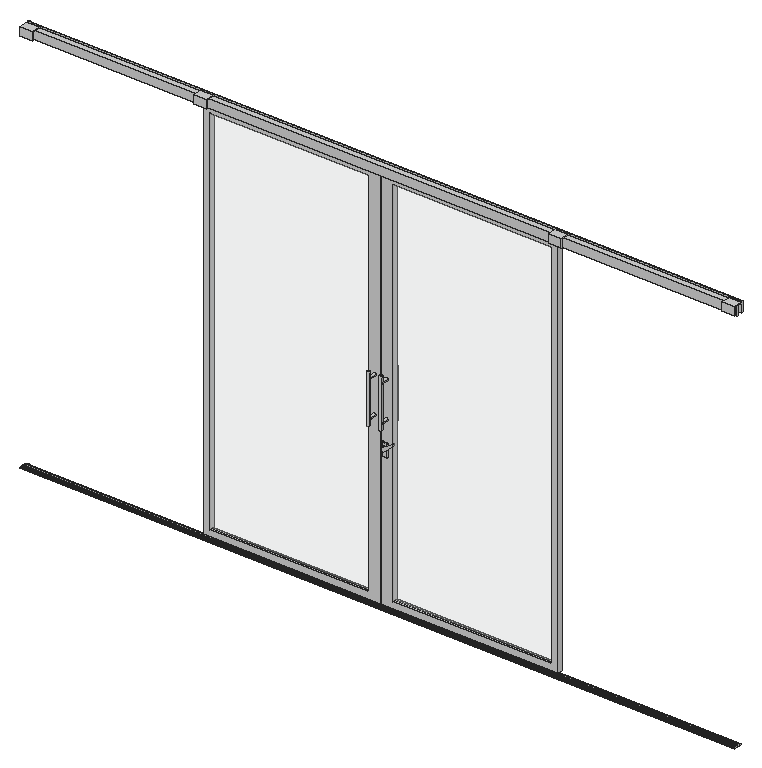
Revit family "Door_FTS Wall Slide_The Sliding Door Company_Combo Frame 2-Panel Bi-part with Single Track (Ramped)", category Doors, host Wall, Revit 2019
Family settings
  Host = Wall
  OmniClass Number = 23.30.10.00
  OmniClass Title = Doors
  Always vertical = Yes
  Cut with Voids When Loaded = No
  Shared = No
  Room Calculation Point = No
Parameters (values of type "Combo Frame 2-Panel Wall Slide - Bi-part - AA")
  Upper Track Material [instance] = TSDC - Casing/Upper Track - Anodized Aluminum Silver
  URL = "https://www.slidingdoorco.com"
  Track Length = Order Width * 2 + Stile and Rail  # 177 1/2"
  Thickness = 1 1/4"  # constant formula
  Stile and Rail = 1 1/2"  # constant formula
  Rough Width = Order Width + 5/8" * 2  # 89 1/4"
  Rough Height = Order Height + 5/8"  # 98 3/4"
  Panel Width = Width / 2  # 44"
  Panel Height = Height - 2 1/4"  # 96 3/8"
  Overall System Height = Finished Opening Height + 2 5/8"  # 98 5/8"
  Order Width = Finished Opening Width + Stile and Rail * 2  # 88"
  Opening Clearance = Finished Opening Width - 3 5/16" * 2  # 78 3/8"
  Open [instance] = no
  Model = "FTS Wall Slide System - Surface Mounted"  # constant formula
  Manufacturer = "The Sliding Door Company"  # constant formula
  Limitations = "Panel Width x System Height cannot exceed 7,400 square inches"  # constant formula
  Handles and Accessories = TSDC - Handles and Accesories - Chrome
  Handle or Lock Stile = 3"  # constant formula
  Glass Thickness = "Available in: 5mm Tempered, 7mm,10mm,11mm Laminated Glass"  # constant formula
  Glass Material [instance] = TSDC - Glass - Clear
  Function = Interior
  Height = if(Overall System Height > 122", 122", Overall System Height)  # 98 5/8"
  Wall Closure = By host
  Width = if(Order Width > 104", 104", Order Width)  # 88"
  Fire Rating = "N/A"  # constant formula
  Order Height = Finished Opening Height + 2 1/8"  # 98 1/8"
  Finished Opening Width = 85"
  Finished Opening Height = 96"
  Door Casing Material [instance] = TSDC - Casing/Upper Track - Anodized Aluminum Silver
  Description = "2 Panel Wall Slide Bi-part with Single Track (Ramped)"  # constant formula
  Contact The Sliding Door Company = "https://www.slidingdoorco.com/contact"
  Construction Type = "Surface Mounted, Ramped Bottom Track"  # constant formula
  Configuration = "AA Configuration"  # constant formula
  Closed [instance] = not(Open)  # yes
  Bottom Track Material [instance] = TSDC - Bottom Track - Anodized Aluminum Silver
  Analytic Construction = "<None>"
  ADA Opening Clearance = "32in. Min. Opening Clearance"  # constant formula
  3" Frame (No Support Dividers) = "Max. H=122 in., Max. W=104 in. (52 in. panel width)"  # constant formula
  1 1/2" Frame (No Support Dividers) = "Max. H=108 in., Max. W=100 in. (50 in. panel width)"  # constant formula
Reference planes (in)
  plane 1 "Center (Front/Back)": y = 0
  plane 2 "Center (Left/Right)": x = 0
  plane 3 "Top": z = 98.125
  plane 4 "Exterior": y = 6
  plane 5 "Interior": y = -6
  plane 6: z = 0.625
  plane 7 "2": z = 96.5
  plane 8 "3": z = 95.25
  plane 9: y = -0.67851
  plane 10: x = -44
  plane 11: x = 44
  plane 12: x = -49.5
  plane 13: x = 50.5
  plane 14: x = -88.75
  plane 15: x = 88.75
  plane 16: x = -46.18359
  plane 17: x = 47.185
  plane 18: x = 49
  plane 19: x = -49
  plane 20: x = -43.68359
  plane 21: x = 45.685
  plane 22: z = 96
  plane 23: z = 98.625
  plane 24: y = 4.39962
  plane 25: x = -48
  plane 26: x = -47.685
  plane 27: x = -47.375
  plane 28: x = -83.18359
  plane 29: x = 49
  plane 30: x = 48.685
  plane 31: x = 48.375
  plane 32: x = 83.185
  plane 33: z = 46.625
  plane 34: z = 35.625
Forms (in)
  Extrusion 1, solid, material "TSDC - Casing/Upper Track - Anodized Aluminum Silver" <- "Door Casing Material", visible <- "Closed"
    sketch origin (40.75888, 3.21602, 0) x (-1, 0, 0) y (0, 0, -1)
      loop
        line (84.75888, -96.5) -> (84.75888, -0.625) -> (40.75888, -0.625) -> (40.75888, -96.5) -> (84.75888, -96.5)
      loop
        line (83.25888, -95) -> (83.25888, -2.125) -> (43.75888, -2.125) -> (43.75888, -95) -> (83.25888, -95)
    from -5 to -3.75
  Extrusion 2, solid, material "TSDC - Glass - Clear" <- "Glass Material", visible <- "Closed"
    sketch origin (40.75888, 2.71602, 0) x (-1, 0, 0) y (0, 0, -1)
      loop
        line (83.25888, -95) -> (83.25888, -2.125) -> (43.75888, -2.125) -> (43.75888, -95) -> (83.25888, -95)
    from -5 to -4.75
  Extrusion 3, solid, material "TSDC - Casing/Upper Track - Anodized Aluminum Silver" <- "Door Casing Material", visible <- "Closed"
    sketch origin (72.07138, 3.21602, 0) x (-1, 0, 0) y (0, 0, -1)
      loop
        line (72.07138, -96.5) -> (72.07138, -0.625) -> (28.07138, -0.625) -> (28.07138, -96.5) -> (72.07138, -96.5)
      loop
        line (69.07138, -95) -> (69.07138, -2.125) -> (29.57138, -2.125) -> (29.57138, -95) -> (69.07138, -95)
    from -5 to -3.75
  Extrusion 4, solid, material "TSDC - Glass - Clear" <- "Glass Material", visible <- "Closed"
    sketch origin (72.07138, 2.71602, 0) x (-1, 0, 0) y (0, 0, -1)
      loop
        line (69.07138, -95) -> (69.07138, -2.125) -> (29.57138, -2.125) -> (29.57138, -95) -> (69.07138, -95)
    from -5 to -4.75
  Extrusion 5, solid, material "TSDC - Casing/Upper Track - Anodized Aluminum Silver" <- "Upper Track Material"
    sketch origin (-115, 1.65743, -26) x (0, 1, 0) y (0, 0, 1)
      loop
        line (6.68359, 124.125) -> (5.125, 124.125) -> (5.125, 122) -> (5.18359, 122) -> (5.18359, 124.06641) -> (6.68359, 124.06641) -> (6.68359, 122) -> (6.74219, 122) -> (6.74219, 124.625) -> (6.68359, 124.625) -> (6.68359, 124.125)
    from 26.25 to 203.75
  Extrusion 6, solid, material "TSDC - Bottom Track - Anodized Aluminum Silver" <- "Bottom Track Material"
    sketch origin (0, 4.78502, 0.00198) x (0, -1, 0) y (0, 0, -1)
      loop
        line (-1.2534, 0.00198) -> (-1.82338, 0.00198) -> (-1.82338, -0.08934) -> (-1.85621, -0.08934) -> (-1.85621, -0.05752) -> (-1.88729, -0.05752) -> (-1.88729, -0.30227) -> (-1.85621, -0.30227) -> (-1.85621, -0.26961) -> (-1.82338, -0.26961) -> (-1.82338, -0.35859)
        arc (-1.82338, -0.35859) -> (-1.80417, -0.37043) -> (-1.78175, -0.36785) r 0.03449
        line (-1.78175, -0.36785) -> (-1.69784, -0.32757) -> (-1.69399, -0.29623) -> (-1.64507, -0.30224) -> (-1.55638, -0.25967) -> (-1.55254, -0.22833) -> (-1.50362, -0.23434) -> (-1.41405, -0.19134) -> (-1.4102, -0.16) -> (-1.36128, -0.16601) -> (-1.2534, -0.11422) -> (-1.2534, 0.00198)
      loop
        line (-1.3034, -0.05) -> (-1.7654, -0.05) -> (-1.7654, -0.30454) -> (-1.3034, -0.08276) -> (-1.3034, -0.05)
    from -88.75 to 88.75
  Extrusion 7, solid, material "TSDC - Bottom Track - Anodized Aluminum Silver" <- "Bottom Track Material"
    sketch origin (0, 4.78502, 0.00198) x (0, -1, 0) y (0, 0, -1)
      loop
        line (-1.82338, -0.26961) -> (-1.85621, -0.26961) -> (-1.85621, -0.30227) -> (-1.88729, -0.30227) -> (-1.88729, -0.05752) -> (-1.85621, -0.05752) -> (-1.85621, -0.08934) -> (-1.82338, -0.08934) -> (-1.82338, 0.00198) -> (-2.66962, 0.00198) -> (-2.66962, -0.08934) -> (-2.63679, -0.08934) -> (-2.63679, -0.05752) -> (-2.60571, -0.05752) -> (-2.60571, -0.30227) -> (-2.63692, -0.30227) -> (-2.63692, -0.26961) -> (-2.66962, -0.26961) -> (-2.66962, -0.341)
        arc (-2.66962, -0.341) -> (-2.66384, -0.35509) -> (-2.64977, -0.36093) r 0.01985
        line (-2.64977, -0.36093) -> (-2.56841, -0.36093)
        arc (-2.56841, -0.36093) -> (-2.55436, -0.3551) -> (-2.54856, -0.34103) r 0.01985
        line (-2.54856, -0.34103) -> (-2.54856, -0.05757) -> (-1.94444, -0.05757) -> (-1.94444, -0.10767) -> (-2.07646, -0.14753) -> (-2.07646, -0.28575)
        arc (-2.07646, -0.28575) -> (-2.12603, -0.3355) -> (-2.17572, -0.28588) r 0.04963
        line (-2.17572, -0.28588) -> (-2.23528, -0.28588)
        arc (-2.23528, -0.28588) -> (-2.12616, -0.39506) -> (-2.0169, -0.28602) r 0.10919
        line (-2.0169, -0.28602) -> (-2.0169, -0.20299) -> (-1.94444, -0.20299) -> (-1.94444, -0.34103)
        arc (-1.94444, -0.34103) -> (-1.93864, -0.3551) -> (-1.92459, -0.36093) r 0.01985
        line (-1.92459, -0.36093) -> (-1.84323, -0.36089)
        arc (-1.84323, -0.36089) -> (-1.82919, -0.35508) -> (-1.82338, -0.34104) r 0.01985
        line (-1.82338, -0.34104) -> (-1.82338, -0.26961)
    from -88.75 to 88.75
  Extrusion 8, solid, material "TSDC - Bottom Track - Anodized Aluminum Silver" <- "Bottom Track Material"
    sketch origin (0, 3.27802, 0.00198) x (0, 1, 0) y (0, 0, 1)
      loop
        line (4.11271, 0.05752) -> (4.14379, 0.05752) -> (4.14379, 0.08934) -> (4.17662, 0.08934) -> (4.17662, -0.00198) -> (4.7466, -0.00198) -> (4.7466, 0.11422) -> (4.63872, 0.16601) -> (4.5898, 0.16) -> (4.58595, 0.19134) -> (4.49638, 0.23434) -> (4.44746, 0.22833) -> (4.44362, 0.25967) -> (4.35493, 0.30224) -> (4.30601, 0.29623) -> (4.30216, 0.32757) -> (4.21825, 0.36785)
        arc (4.21825, 0.36785) -> (4.19583, 0.37043) -> (4.17662, 0.35859) r 0.03449
        line (4.17662, 0.35859) -> (4.17662, 0.26961) -> (4.14379, 0.26961) -> (4.14379, 0.30227) -> (4.11271, 0.30227) -> (4.11271, 0.05752)
      loop
        line (4.2346, 0.30454) -> (4.2346, 0.05) -> (4.6966, 0.05) -> (4.6966, 0.08276) -> (4.2346, 0.30454)
    from -88.75 to 88.75
  Extrusion 9, solid, material "TSDC - Handles and Accesories - Chrome", visible <- "Closed", not visible
    sketch origin (0, 5.61719, 0) x (1, 0, 0) y (0, 1, 0)
      loop
        circle (-1.5, -0.4296) r 0.31649
    from 0 to 12
  Extrusion 10, solid, material "TSDC - Handles and Accesories - Chrome", visible <- "Closed", not visible
    sketch origin (0, 5.61719, 1) x (1, 0, 0) y (0, 1, 0)
      loop
        line (-1.81641, -0.43705) -> (-1.81641, -2.18359) -> (-1.18359, -2.18359) -> (-1.18359, -0.43705)
        arc (-1.18359, -0.43705) -> (-1.5, -0.74609) -> (-1.81641, -0.43705) r 0.31649
    from 0 to 0.625
  Extrusion 11, solid, material "TSDC - Handles and Accesories - Chrome", visible <- "Closed", not visible
    sketch origin (0, 5.61719, 10.375) x (1, 0, 0) y (0, 1, 0)
      loop
        line (-1.81641, -0.43705) -> (-1.81641, -2.18359) -> (-1.18359, -2.18359) -> (-1.18359, -0.43705)
        arc (-1.18359, -0.43705) -> (-1.5, -0.74609) -> (-1.81641, -0.43705) r 0.31649
    from 0 to 0.625
  Extrusion 12, solid, material "TSDC - Handles and Accesories - Chrome", visible <- "Open", not visible
    sketch origin (-26.4975, 0, 40.625) x (1, 0, 0) y (0, 1, 0)
      loop
        circle (-1.5, 0.4296) r 0.31649
    from 0 to 12
  Extrusion 13, solid, material "TSDC - Handles and Accesories - Chrome", visible <- "Open", not visible
    sketch origin (-26.4975, 0, 41.625) x (1, 0, 0) y (0, 1, 0)
      loop
        arc (-1.81641, 0.43705) -> (-1.5, 0.74609) -> (-1.18359, 0.43705) r 0.31649
        line (-1.18359, 0.43705) -> (-1.18359, 2.18359) -> (-1.81641, 2.18359) -> (-1.81641, 0.43705)
    from 0 to 0.625
  Extrusion 14, solid, material "TSDC - Handles and Accesories - Chrome", visible <- "Open", not visible
    sketch origin (-26.4975, 0, 51) x (1, 0, 0) y (0, 1, 0)
      loop
        arc (-1.81641, 0.43705) -> (-1.5, 0.74609) -> (-1.18359, 0.43705) r 0.31649
        line (-1.18359, 0.43705) -> (-1.18359, 2.18359) -> (-1.81641, 2.18359) -> (-1.81641, 0.43705)
    from 0 to 0.625
  Extrusion 15, solid, material "TSDC - Casing/Upper Track - Anodized Aluminum Silver" <- "Door Casing Material", visible <- "Open"
    sketch origin (-3.92472, 3.21602, 0) x (-1, 0, 0) y (0, 0, -1)
      loop
        line (79.25888, -96.5) -> (79.25888, -0.625) -> (35.25888, -0.625) -> (35.25888, -96.5) -> (79.25888, -96.5)
      loop
        line (77.75888, -95) -> (77.75888, -2.125) -> (38.25888, -2.125) -> (38.25888, -95) -> (77.75888, -95)
    from -5 to -3.75
  Extrusion 16, solid, material "TSDC - Glass - Clear" <- "Glass Material", visible <- "Open"
    sketch origin (-3.92472, 2.71602, 0) x (-1, 0, 0) y (0, 0, -1)
      loop
        line (77.75888, -95) -> (77.75888, -2.125) -> (38.25888, -2.125) -> (38.25888, -95) -> (77.75888, -95)
    from -5 to -4.75
  Extrusion 17, solid, material "TSDC - Casing/Upper Track - Anodized Aluminum Silver" <- "Door Casing Material", visible <- "Open"
    sketch origin (116.75638, 3.21602, 0) x (-1, 0, 0) y (0, 0, -1)
      loop
        line (77.57138, -96.5) -> (77.57138, -0.625) -> (33.57138, -0.625) -> (33.57138, -96.5) -> (77.57138, -96.5)
      loop
        line (74.57138, -95) -> (74.57138, -2.125) -> (35.07138, -2.125) -> (35.07138, -95) -> (74.57138, -95)
    from -5 to -3.75
  Extrusion 18, solid, material "TSDC - Glass - Clear" <- "Glass Material", visible <- "Open"
    sketch origin (116.75638, 2.71602, 0) x (-1, 0, 0) y (0, 0, -1)
      loop
        line (74.57138, -95) -> (74.57138, -2.125) -> (35.07138, -2.125) -> (35.07138, -95) -> (74.57138, -95)
    from -5 to -4.75
  Extrusion 19, solid, material "TSDC - Casing/Upper Track - Anodized Aluminum Silver" <- "Upper Track Material"
    sketch origin (101.625, 0, 0) x (0, 1, 0) y (0, 0, 1)
      loop
        line (6.125, 98.125) -> (8.34102, 98.125) -> (8.34102, 98.25) -> (6, 98.25) -> (6, 96.25) -> (6.125, 96.25) -> (6.125, 98.125)
    from -16 to -12.875
  Extrusion 20, solid, material "TSDC - Casing/Upper Track - Anodized Aluminum Silver" <- "Upper Track Material"
    sketch origin (-104.75, 0, 0) x (0, 1, 0) y (0, 0, 1)
      loop
        line (8.34102, 98.25) -> (6, 98.25) -> (6, 96.25) -> (6.125, 96.25) -> (6.125, 98.125) -> (8.34102, 98.125) -> (8.34102, 98.25)
    from 16 to 19.125
  Extrusion 21, solid, material "TSDC - Casing/Upper Track - Anodized Aluminum Silver" <- "Upper Track Material"
    sketch origin (-53.625, 0, 0) x (0, 1, 0) y (0, 0, 1)
      loop
        line (8.34102, 98.25) -> (6, 98.25) -> (6, 96.25) -> (6.125, 96.25) -> (6.125, 98.125) -> (8.34102, 98.125) -> (8.34102, 98.25)
    from 8 to 11.125
  Extrusion 22, solid, material "TSDC - Casing/Upper Track - Anodized Aluminum Silver" <- "Upper Track Material"
    sketch origin (50.5, 0, 0) x (0, 1, 0) y (0, 0, 1)
      loop
        line (8.34102, 98.25) -> (6, 98.25) -> (6, 96.25) -> (6.125, 96.25) -> (6.125, 98.125) -> (8.34102, 98.125) -> (8.34102, 98.25)
    from -8 to -4.875
Lines and regions (in)
  Opening 1
    outline origin (-60, -6, 0) x (1, 0, 0) y (0, 0, 1)
      loop
        line (102.5, 98.125) -> (17.5, 98.125) -> (17.5, 0) -> (102.5, 0) -> (102.5, 98.125)
Text (in)
  text "Exterior" at (-165.54235, 27.31104, 0), in view "Ref. Level"
  text "Interior" at (-165.54235, -25.14366, 0), in view "Ref. Level"
  text "Exterior" at (0, 40.15149, 123.01588), in view "Right"
  text "Interior" at (0, -64.39139, 123.01588), in view "Right"
  text "Interior" at (0, -31.01599, 123.00693), in view "Left"
  text "Exterior" at (0, 54.57065, 123.00693), in view "Left"
Dimensions and locks (in)
  "Height": level to plane 23
  locked: plane 7 "2" to plane 3 "Top" at 1.625
  equal spacing: plane 10, plane 2 "Center (Left/Right)", plane 11
  "Width": plane 10 to plane 11
  "Stile and Rail": Extrusion 1 to Extrusion 1  (x3)
  "Handle or Lock Stile": Extrusion 1 to Extrusion 1
  "Handle or Lock Stile": Extrusion 3 to Extrusion 3
  "Stile and Rail": Extrusion 3 to Extrusion 3  (x3)
  host wall to host wall = 85"
  plane 10 to plane 2 "Center (Left/Right)" to plane 11 = 44", 44"
  equal spacing: plane 14, plane 2 "Center (Left/Right)", plane 15
  "Track Length": plane 14 to plane 15
  Extrusion 15 to Extrusion 17 = 78.36859"
  locked: plane 22 to plane 23 at 2.625
  locked: plane 22 to plane 3 "Top" at 2.125
  "Stile and Rail": Extrusion 15 to Extrusion 15  (x3)
  "Handle or Lock Stile": Extrusion 15 to Extrusion 15
  "Handle or Lock Stile": Extrusion 17 to Extrusion 17
  "Stile and Rail": Extrusion 17 to Extrusion 17  (x3)
  plane 4 "Exterior" to Extrusion 1 to Extrusion 1 = 0.96602" locked, 1 1/4" locked
  plane 4 "Exterior" to Extrusion 2 to Extrusion 2 = 1.46602" locked, 1/4" locked
  plane 4 "Exterior" to Extrusion 3 to Extrusion 3 = 0.96602" locked, 1 1/4" locked
  plane 4 "Exterior" to Extrusion 4 to Extrusion 4 = 1.46602" locked, 1/4" locked
  plane 4 "Exterior" to Extrusion 15 to Extrusion 15 = 0.96602" locked, 1 1/4" locked
  plane 4 "Exterior" to Extrusion 16 to Extrusion 16 = 1.46602" locked, 1/4" locked
  plane 4 "Exterior" to Extrusion 17 to Extrusion 17 = 0.96602" locked, 1 1/4" locked
  plane 4 "Exterior" to Extrusion 18 to Extrusion 18 = 1.46602" locked, 1/4" locked
  locked: Extrusion 15 to Extrusion 8 at 0.19141
  Extrusion 15 to Extrusion 15 = 44"
  locked: plane 14 to plane 28 at 5.56641
  locked: host wall to Extrusion 15 at 3.31641
  locked: Extrusion 15 to nested 2 at 1.5
  locked: nested 1 to Extrusion 15 at 1.5
  Extrusion 17 to Extrusion 17 = 44"
  locked: plane 32 to plane 15 at 5.565
  locked: Extrusion 17 to host wall at 3.315
  locked: Extrusion 17 to nested 8 at 1.5
  locked: nested 7 to Extrusion 17 at 1.5
  locked: plane 4 "Exterior" to nested 1 at 0.96602
  locked: plane 4 "Exterior" to nested 2 at 2.21602
  locked: plane 4 "Exterior" to nested 3 at 0.96602
  locked: plane 4 "Exterior" to nested 4 at 2.21602
  locked: plane 4 "Exterior" to nested 5 at 0.96602
  locked: plane 4 "Exterior" to nested 6 at 2.21602
  locked: plane 4 "Exterior" to nested 7 at 0.96602
  locked: plane 4 "Exterior" to nested 8 at 2.21602
  Extrusion 17 to plane 33 = 46"
  locked: Extrusion 19 to Extrusion 19 at 3.125
  locked: plane 14 to Extrusion 20 at 3.125
  locked: Extrusion 21 to Extrusion 21 at 3.125
  locked: Extrusion 22 to Extrusion 22 at 3.125
  locked: nested 9 to plane 4 "Exterior" at 0.84102
  locked: Extrusion 17 to nested 10 at 0.5685
  locked: plane 4 "Exterior" to nested 10 at 0.84102
  aligned and locked: plane 4 "Exterior" to host wall
  aligned and locked: host wall to plane 5 "Interior"
  aligned and locked: Opening 1 sketch curve to plane 3 "Top"
  aligned and locked: Extrusion 1 to Extrusion 2  (x4)
  aligned and locked: Extrusion 3 to Extrusion 4  (x4)
  aligned and locked: Extrusion 1 to plane 7 "2"
  aligned and locked: Extrusion 3 to plane 7 "2"
  aligned and locked: Extrusion 7 to Extrusion 8
  aligned and locked: Extrusion 6 to Extrusion 7
  aligned and locked: Extrusion 8 to Extrusion 7
  aligned and locked: Extrusion 7 to Extrusion 6
  aligned and locked: Extrusion 8 to plane 14
  aligned and locked: plane 15 to Extrusion 8
  aligned and locked: plane 15 to Extrusion 5
  aligned and locked: Extrusion 5 to plane 14
  aligned and locked: Extrusion 1 to plane 10
  aligned and locked: plane 11 to Extrusion 3
  aligned and locked: Opening 1 sketch curve to Extrusion 1
  aligned and locked: Opening 1 sketch curve to Extrusion 3
  aligned and locked: plane 23 to Extrusion 5 sketch curve
  aligned and locked: Extrusion 15 to Extrusion 16  (x4)
  aligned and locked: Extrusion 17 to Extrusion 18  (x4)
  aligned and locked: Extrusion 19 to Extrusion 5
  aligned and locked: Extrusion 5 to Extrusion 20
  aligned and locked: host wall to Extrusion 21
  aligned and locked: Extrusion 22 to host wall
Automatic sketch dimensions
  Extrusion 9 sketch curve to Extrusion 9 sketch curve = 0.31649"
  Extrusion 10 sketch curve to Extrusion 10 sketch curve = 81/256"
  Extrusion 10 sketch curve to Extrusion 10 sketch curve = 81/128"
  Extrusion 10 sketch curve to Extrusion 10 sketch curve = 1.74654"
  Extrusion 10 sketch curve to Extrusion 10 sketch curve = 0.00745"
  Extrusion 11 sketch curve to Extrusion 11 sketch curve = 81/256"
  Extrusion 11 sketch curve to Extrusion 11 sketch curve = 81/128"
  Extrusion 11 sketch curve to Extrusion 11 sketch curve = 1.74654"
  Extrusion 11 sketch curve to Extrusion 11 sketch curve = 0.00745"
  Extrusion 9 sketch curve to Extrusion 9 sketch curve = 0"  (x2)
  Extrusion 12 sketch curve to Extrusion 12 sketch curve = 0.31649"
  Extrusion 13 sketch curve to Extrusion 13 sketch curve = 81/256"
  Extrusion 13 sketch curve to Extrusion 13 sketch curve = 81/128"
  Extrusion 13 sketch curve to Extrusion 13 sketch curve = 1.74654"
  Extrusion 13 sketch curve to Extrusion 13 sketch curve = 0.00745"
  Extrusion 14 sketch curve to Extrusion 14 sketch curve = 81/256"
  Extrusion 14 sketch curve to Extrusion 14 sketch curve = 81/128"
  Extrusion 14 sketch curve to Extrusion 14 sketch curve = 1.74654"
  Extrusion 14 sketch curve to Extrusion 14 sketch curve = 0.00745"
  Extrusion 12 sketch curve to Extrusion 12 sketch curve = 0"  (x2)
  Opening 1 sketch curve to level = 0"
  Extrusion 1 sketch curve to plane 2 "Center (Left/Right)" = 0"
  Extrusion 1 sketch curve to plane 7 "2" = 0"
  Extrusion 1 sketch curve to plane 10 = 0"
  Extrusion 1 sketch curve to plane 6 = 0"
  plane 22 to Extrusion 1 sketch curve = 1"
  Extrusion 1 sketch curve to plane 2 "Center (Left/Right)" = 3"
  plane 12 to Extrusion 1 sketch curve = 7"
  plane 6 to Extrusion 1 sketch curve = 1 1/2"
  plane 22 to Extrusion 2 sketch curve = 1"
  Extrusion 2 sketch curve to plane 2 "Center (Left/Right)" = 3"
  plane 12 to Extrusion 2 sketch curve = 7"
  plane 6 to Extrusion 2 sketch curve = 1 1/2"
  Extrusion 3 sketch curve to plane 7 "2" = 0"
  Extrusion 3 sketch curve to plane 11 = 0"
  Extrusion 3 sketch curve to plane 13 = 8"
  Extrusion 3 sketch curve to plane 2 "Center (Left/Right)" = 0"
  Extrusion 3 sketch curve to plane 6 = 0"
  plane 22 to Extrusion 3 sketch curve = 1"
  plane 2 "Center (Left/Right)" to Extrusion 3 sketch curve = 3"
  plane 6 to Extrusion 3 sketch curve = 1 1/2"
  Extrusion 4 sketch curve to plane 13 = 8"
  plane 2 "Center (Left/Right)" to Extrusion 4 sketch curve = 3"
  plane 22 to Extrusion 4 sketch curve = 1"
  plane 6 to Extrusion 4 sketch curve = 1 1/2"
  plane 3 "Top" to Extrusion 5 sketch curve = 0"
  plane 22 to Extrusion 5 sketch curve = 0"  (x2)
  host wall to Extrusion 5 sketch curve = 0.78243"
  Extrusion 5 sketch curve to Extrusion 5 sketch curve = 15/256"  (x2)
  Extrusion 5 sketch curve to Extrusion 5 sketch curve = 1 1/2"
  Extrusion 5 sketch curve to Extrusion 5 sketch curve = 0"
  plane 3 "Top" to Extrusion 5 sketch curve = 15/256"
  Extrusion 6 sketch curve to level = 0"
  level to Extrusion 6 sketch curve = 0.05951"
  host wall to Extrusion 6 sketch curve = 0.67231"
  Extrusion 6 sketch curve to Extrusion 6 sketch curve = 0.03107"  (x2)
  Extrusion 6 sketch curve to Extrusion 6 sketch curve = 0.03284"  (x2)
  Extrusion 6 sketch curve to Extrusion 6 sketch curve = 0.0267"
  Extrusion 6 sketch curve to plane 6 = 0.25516"
  Extrusion 6 sketch curve to Extrusion 6 sketch curve = 0.01493"
  Extrusion 6 sketch curve to Extrusion 6 sketch curve = 0.05797"
  Extrusion 6 sketch curve to Extrusion 6 sketch curve = 0.06757"
  level to Extrusion 6 sketch curve = 0.29822"
  Extrusion 6 sketch curve to Extrusion 6 sketch curve = 0.00385"  (x3)
  Extrusion 6 sketch curve to Extrusion 6 sketch curve = 0.04892"  (x3)
  Extrusion 6 sketch curve to Extrusion 6 sketch curve = 0.08869"
  level to Extrusion 6 sketch curve = 0.23031"
  Extrusion 6 sketch curve to Extrusion 6 sketch curve = 0.08957"
  host wall to Extrusion 6 sketch curve = 0.08842"
  host wall to Extrusion 6 sketch curve = 0.03842"
  Extrusion 6 sketch curve to Extrusion 6 sketch curve = 0.00926"
  Extrusion 6 sketch curve to Extrusion 6 sketch curve = 0.03134"  (x2)
  Extrusion 6 sketch curve to Extrusion 6 sketch curve = 0.03222"
  Extrusion 6 sketch curve to Extrusion 6 sketch curve = 0.05632"
  Extrusion 6 sketch curve to Extrusion 6 sketch curve = 0.03266"
  Extrusion 6 sketch curve to Extrusion 6 sketch curve = 0.043"
  Extrusion 6 sketch curve to Extrusion 6 sketch curve = 0.02533"
  level to Extrusion 6 sketch curve = 0.1162"
  Extrusion 6 sketch curve to Extrusion 6 sketch curve = 0.03182"
  Extrusion 6 sketch curve to Extrusion 6 sketch curve = 0.03146"
  level to Extrusion 6 sketch curve = 0.05198"
  Extrusion 7 sketch curve to Extrusion 7 sketch curve = 0"  (x8)
  Extrusion 7 sketch curve to level = 0"
  host wall to Extrusion 7 sketch curve = 1.45464"
  Extrusion 7 sketch curve to Extrusion 7 sketch curve = 0.01985"  (x2)
  Extrusion 7 sketch curve to Extrusion 7 sketch curve = 0.01286"
  Extrusion 7 sketch curve to Extrusion 7 sketch curve = 0.03284"  (x3)
  Extrusion 7 sketch curve to Extrusion 7 sketch curve = 0.03107"  (x3)
  Extrusion 7 sketch curve to Extrusion 7 sketch curve = 0.0373"
  Extrusion 7 sketch curve to Extrusion 7 sketch curve = 0.05716"  (x2)
  Extrusion 7 sketch curve to Extrusion 7 sketch curve = 0.31328"
  Extrusion 7 sketch curve to Extrusion 7 sketch curve = 0.05956"  (x2)
  Extrusion 7 sketch curve to Extrusion 7 sketch curve = 0.04963"  (x2)
  level to Extrusion 7 sketch curve = 0.10965"
  Extrusion 7 sketch curve to Extrusion 7 sketch curve = 0.07246"  (x2)
  Extrusion 7 sketch curve to Extrusion 7 sketch curve = 0.01299"
  Extrusion 7 sketch curve to Extrusion 7 sketch curve = 0.03986"
  Extrusion 7 sketch curve to Extrusion 7 sketch curve = 0.09532"
  level to Extrusion 7 sketch curve = 0.2716"
  Extrusion 7 sketch curve to Extrusion 7 sketch curve = 0.06662"
  Extrusion 7 sketch curve to Extrusion 7 sketch curve = 0.08276"
  Extrusion 7 sketch curve to Extrusion 7 sketch curve = 0.00012"
  Extrusion 7 sketch curve to Extrusion 7 sketch curve = 0.03266"  (x2)
  Extrusion 7 sketch curve to Extrusion 7 sketch curve = 0.03873"
  Extrusion 7 sketch curve to Extrusion 7 sketch curve = 0.03876"  (x2)
  Extrusion 7 sketch curve to Extrusion 7 sketch curve = 0.03877"
  Extrusion 7 sketch curve to Extrusion 7 sketch curve = 0.00005"  (x2)
  Extrusion 7 sketch curve to Extrusion 7 sketch curve = 0.00007"
  Extrusion 7 sketch curve to Extrusion 7 sketch curve = 0.01833"
  level to Extrusion 7 sketch curve = 0.09133"
  level to Extrusion 7 sketch curve = 0.05956"
  Extrusion 7 sketch curve to Extrusion 7 sketch curve = 0.03182"  (x2)
  Extrusion 7 sketch curve to Extrusion 7 sketch curve = 0.00004"
  Extrusion 8 sketch curve to level = 0"
  level to Extrusion 8 sketch curve = 0.05951"
  host wall to Extrusion 8 sketch curve = 1.39073"
  Extrusion 8 sketch curve to Extrusion 8 sketch curve = 0.03107"  (x2)
  Extrusion 8 sketch curve to Extrusion 8 sketch curve = 0.03284"  (x2)
  Extrusion 8 sketch curve to Extrusion 8 sketch curve = 0.0267"
  Extrusion 8 sketch curve to plane 6 = 0.25516"
  Extrusion 8 sketch curve to Extrusion 8 sketch curve = 0.01493"
  Extrusion 8 sketch curve to Extrusion 8 sketch curve = 0.03127"
  Extrusion 8 sketch curve to plane 6 = 0.29544"
  Extrusion 8 sketch curve to Extrusion 8 sketch curve = 0.06757"
  level to Extrusion 8 sketch curve = 0.29822"
  Extrusion 8 sketch curve to Extrusion 8 sketch curve = 0.00385"  (x3)
  level to Extrusion 8 sketch curve = 0.30422"
  level to Extrusion 8 sketch curve = 0.26165"
  Extrusion 8 sketch curve to Extrusion 8 sketch curve = 0.08869"
  level to Extrusion 8 sketch curve = 0.23031"
  level to Extrusion 8 sketch curve = 0.23632"
  level to Extrusion 8 sketch curve = 0.19332"
  Extrusion 8 sketch curve to Extrusion 8 sketch curve = 0.08957"
  level to Extrusion 8 sketch curve = 0.16199"
  level to Extrusion 8 sketch curve = 0.16799"
  level to Extrusion 8 sketch curve = 0.08474"
  Extrusion 8 sketch curve to Extrusion 8 sketch curve = 0.05788"
  Extrusion 8 sketch curve to Extrusion 8 sketch curve = 0.05"
  level to Extrusion 8 sketch curve = 0.05198"
  Extrusion 8 sketch curve to Extrusion 8 sketch curve = 0.03182"
  Extrusion 8 sketch curve to Extrusion 8 sketch curve = 0.03146"
  Extrusion 8 sketch curve to Extrusion 8 sketch curve = 0.09824"
  Extrusion 8 sketch curve to Extrusion 8 sketch curve = 0.03266"
  Extrusion 8 sketch curve to Extrusion 8 sketch curve = 0.06331"
  Extrusion 8 sketch curve to Extrusion 8 sketch curve = 0.03109"
  Extrusion 15 sketch curve to plane 7 "2" = 0"
  Extrusion 15 sketch curve to plane 6 = 0"
  Extrusion 15 sketch curve to plane 28 = 0"
  plane 28 to Extrusion 15 sketch curve = 1 1/2"
  plane 12 to Extrusion 15 sketch curve = 7 81/256"
  plane 27 to Extrusion 15 sketch curve = 8 49/256"
  plane 22 to Extrusion 15 sketch curve = 1"
  plane 6 to Extrusion 15 sketch curve = 1 1/2"
  plane 12 to Extrusion 16 sketch curve = 7 81/256"
  plane 28 to Extrusion 16 sketch curve = 1 1/2"
  plane 22 to Extrusion 16 sketch curve = 1"
  plane 6 to Extrusion 16 sketch curve = 1 1/2"
  Extrusion 17 sketch curve to plane 7 "2" = 0"
  Extrusion 17 sketch curve to plane 32 = 0"
  Extrusion 17 sketch curve to plane 17 = 8"
  Extrusion 17 sketch curve to plane 6 = 0"
  Extrusion 17 sketch curve to plane 32 = 1 1/2"
  Extrusion 17 sketch curve to plane 13 = 8.315"
  plane 22 to Extrusion 17 sketch curve = 1"
  plane 6 to Extrusion 17 sketch curve = 1 1/2"
  Extrusion 18 sketch curve to plane 32 = 1 1/2"
  Extrusion 18 sketch curve to plane 13 = 8.315"
  plane 22 to Extrusion 18 sketch curve = 1"
  plane 6 to Extrusion 18 sketch curve = 1 1/2"
  Extrusion 19 sketch curve to host wall = 0"
  plane 3 "Top" to Extrusion 19 sketch curve = 0"
  host wall to Extrusion 19 sketch curve = 1/8"
  Extrusion 19 sketch curve to Extrusion 19 sketch curve = 2.21602"
  plane 7 "2" to Extrusion 19 sketch curve = 1/4"
  Extrusion 19 sketch curve to plane 3 "Top" = 1/8"
  Extrusion 20 sketch curve to host wall = 0"
  plane 3 "Top" to Extrusion 20 sketch curve = 0"
  host wall to Extrusion 20 sketch curve = 1/8"
  Extrusion 20 sketch curve to Extrusion 20 sketch curve = 2.21602"
  plane 7 "2" to Extrusion 20 sketch curve = 1/4"
  Extrusion 20 sketch curve to plane 3 "Top" = 1/8"
  Extrusion 21 sketch curve to host wall = 0"
  plane 3 "Top" to Extrusion 21 sketch curve = 0"
  host wall to Extrusion 21 sketch curve = 1/8"
  Extrusion 21 sketch curve to Extrusion 21 sketch curve = 2.21602"
  plane 7 "2" to Extrusion 21 sketch curve = 1/4"
  Extrusion 21 sketch curve to plane 3 "Top" = 1/8"
  Extrusion 22 sketch curve to host wall = 0"
  plane 3 "Top" to Extrusion 22 sketch curve = 0"
  host wall to Extrusion 22 sketch curve = 1/8"
  Extrusion 22 sketch curve to Extrusion 22 sketch curve = 2.21602"
  plane 7 "2" to Extrusion 22 sketch curve = 1/4"
  Extrusion 22 sketch curve to plane 3 "Top" = 1/8"
Nested families (in)
  nested 1: "Round Designer Handle 12 inches" at (-40.68359, 4.84102, 40.625) x (-1, 0, 0) z (0, 0, 1), Round Designer Handle Finish <- "Handles and Accessories", visible <- "Open", type "Round Designer Handle 12 inches"
    with Round Designer Handle Finish TSDC - Handles and Accesories - Chrome
  nested 2: "Round Designer Handle 12 inches" at (-40.68359, 10.34102, 40.625) x (-1, 0, 0) z (0, 0, 1), Round Designer Handle Finish <- "Handles and Accessories", visible <- "Open", type "Round Designer Handle 12 inches"
    with Round Designer Handle Finish TSDC - Handles and Accesories - Chrome
  nested 3: "Round Designer Handle 12 inches" at (-1.5, 4.84102, 40.625) x (-1, 0, 0) z (0, 0, 1), Round Designer Handle Finish <- "Handles and Accessories", visible <- "Closed", type "Round Designer Handle 12 inches"
    with Round Designer Handle Finish TSDC - Handles and Accesories - Chrome
  nested 4: "Round Designer Handle 12 inches" at (-1.5, 10.34102, 40.625) x (-1, 0, 0) z (0, 0, 1), Round Designer Handle Finish <- "Handles and Accessories", visible <- "Closed", type "Round Designer Handle 12 inches"
    with Round Designer Handle Finish TSDC - Handles and Accesories - Chrome
  nested 5: "Round Designer Handle 12 inches" at (1.5, 4.84102, 40.625) x (-1, 0, 0) z (0, 0, 1), Round Designer Handle Finish <- "Handles and Accessories", visible <- "Closed", type "Round Designer Handle 12 inches"
    with Round Designer Handle Finish TSDC - Handles and Accesories - Chrome
  nested 6: "Round Designer Handle 12 inches" at (1.5, 10.34102, 40.625) x (-1, 0, 0) z (0, 0, 1), Round Designer Handle Finish <- "Handles and Accessories", visible <- "Closed", type "Round Designer Handle 12 inches"
    with Round Designer Handle Finish TSDC - Handles and Accesories - Chrome
  nested 7: "Round Designer Handle 12 inches" at (40.685, 4.84102, 40.625) x (-1, 0, 0) z (0, 0, 1), Round Designer Handle Finish <- "Handles and Accessories", visible <- "Open", type "Round Designer Handle 12 inches"
    with Round Designer Handle Finish TSDC - Handles and Accesories - Chrome
  nested 8: "Round Designer Handle 12 inches" at (40.685, 10.34102, 40.625) x (-1, 0, 0) z (0, 0, 1), Round Designer Handle Finish <- "Handles and Accessories", visible <- "Open", type "Round Designer Handle 12 inches"
    with Round Designer Handle Finish TSDC - Handles and Accesories - Chrome
  nested 9: "SLIDING HOOK LATCH ADA" at (1.1585, 8.21602, 35.61663) x (-1, 0, 0) z (0, 0, 1), visible <- "Closed", type "SLIDING HOOK LATCH ADA"
    with Closed no
  nested 10: "SLIDING HOOK LATCH ADA" at (40.3435, 8.21602, 35.61663) x (-1, 0, 0) z (0, 0, 1), visible <- "Open", type "SLIDING HOOK LATCH ADA"
    with Closed no
Definition of nested family "Round Designer Handle 12 inches"
  Parameters (values of type "Round Designer Handle 12 inches")
    Round Designer Handle Finish [instance] = none
  Reference planes (in)
    plane 1 "Center (Front/Back)": y = 0
    plane 2: z = 0
    plane 3 "Center (Left/Right)": x = 0
  Forms (in)
    Extrusion 1, solid, material <- "Round Designer Handle Finish"
      sketch origin (0, -2.66982, 0) x (1, 0, 0) y (0, 1, 0)
        loop
          circle (0, 2.98232) r 0.3125
      from 0 to 12
    Extrusion 2, solid, material <- "Round Designer Handle Finish"
      sketch origin (0, 0, 0) x (1, 0, 0) y (0, 0, 1)
        loop
          circle (0, 10.5) r 0.3125
      from -2.125 to -0.3125
    Extrusion 3, solid, material <- "Round Designer Handle Finish"
      sketch origin (0, 0, -9) x (1, 0, 0) y (0, 0, 1)
        loop
          circle (0, 10.5) r 0.3125
      from -2.125 to -0.3125
  Lines and regions (in)
    symbolic lines
      curve 1: line (-0.3125, 0.3125, 0) -> (-0.3125, 2.125, 0)
  Dimensions and locks (in)
    aligned and locked: plane 2 to level
Definition of nested family "SLIDING HOOK LATCH ADA"
  Parameters (values of type "SLIDING HOOK LATCH ADA")
    Handles/Accessories = none
    Closed [instance] = no
  Reference planes (in)
    plane 1 "Center (Front/Back)": y = 0
    plane 2: z = 0
    plane 3 "Center (Left/Right)": x = 0
    plane 4: y = 1.25
    plane 5: y = 0.625
  Forms (in)
    Extrusion 1, solid, material <- "Handles/Accessories"
      sketch origin (0, 0, 0) x (1, 0, 0) y (0, 0, 1)
        loop
          arc (-0.47, 1.3605) -> (-0.55485, 1.32535) -> (-0.59, 1.2405) r 0.12
          line (-0.59, 1.2405) -> (-0.59, -1.7695)
          arc (-0.59, -1.7695) -> (-0.55485, -1.85435) -> (-0.47, -1.8895) r 0.12
          line (-0.47, -1.8895) -> (0.47, -1.8895)
          arc (0.47, -1.8895) -> (0.55485, -1.85435) -> (0.59, -1.7695) r 0.12
          line (0.59, -1.7695) -> (0.59, 1.2405)
          arc (0.59, 1.2405) -> (0.55485, 1.32535) -> (0.47, 1.3605) r 0.12
          line (0.47, 1.3605) -> (-0.47, 1.3605)
      from 0 to 0.125
    Extrusion 2, solid, material <- "Handles/Accessories"
      sketch origin (0, -0.125, 0) x (1, 0, 0) y (0, 0, 1)
        loop
          arc (0.1965, -0.27008) -> (0, 0.334) -> (-0.1965, -0.27008) r 0.334
          line (-0.1965, -0.27008) -> (-0.1965, -0.7785)
          arc (-0.1965, -0.7785) -> (-0.13836, -0.91423) -> (0, -0.96578) r 0.1875
          arc (0, -0.96578) -> (0.13836, -0.91423) -> (0.1965, -0.7785) r 0.1875
          line (0.1965, -0.7785) -> (0.1965, -0.27008)
      from 0 to 0.375
    Extrusion 3, solid, material <- "Handles/Accessories"
      sketch origin (0, -0.5, 0) x (1, 0, 0) y (0, 0, 1)
        loop
          circle (0, 0) r 0.27
        loop
          arc (-0.01802, 0.0116) -> (0.11009, 0.10597) -> (0.01258, 0.23171) r 0.11115
          arc (0.01258, 0.23171) -> (-0.11009, 0.13658) -> (-0.01802, 0.0116) r 0.11115
      from 0 to 0.01563
    Extrusion 4, void
      sketch origin (0, 0, 0) x (1, 0, 0) y (0, 0, 1)
        loop
          line (-0.03891, 0.26718) -> (-0.03891, 0.2324)
          arc (-0.03891, 0.2324) -> (0.00002, 0.17754) -> (-0.03891, 0.12267) r 0.05812
          line (-0.03891, 0.12267) -> (-0.03891, 0.06153)
          arc (-0.03891, 0.06153) -> (-0.00751, -0.02323) -> (-0.03891, -0.108) r 0.13012
          line (-0.03891, -0.108) -> (0.01389, -0.108) -> (0.0394, 0.0195)
          arc (0.0394, 0.0195) -> (0.01166, 0.07234) -> (0.03891, 0.12544) r 0.06478
          line (0.03891, 0.12544) -> (0.03891, 0.26718)
          arc (0.03891, 0.26718) -> (0, 0.27) -> (-0.03891, 0.26718) r 0.27
      from 0.125 to 0.51562
    Extrusion 5, solid, material <- "Handles/Accessories"
      sketch origin (0, 0.8125, 0) x (1, 0, 0) y (0, 0, 1)
        loop
          arc (1.33957, 2.23594) -> (1.35367, 2.20419) -> (1.3585, 2.16979) r 0.125
          line (1.3585, 2.16979) -> (1.3585, 1.4875) -> (1.8085, 1.9375) -> (1.70761, 2.03839)
          arc (1.70761, 2.03839) -> (1.68269, 2.07399) -> (1.67147, 2.11597) r 0.125
          arc (1.67147, 2.11597) -> (1.6574, 2.1943) -> (1.62938, 2.26879) r 0.4375
          arc (1.62938, 2.26879) -> (1.43195, 2.55747) -> (1.1585, 2.7755) r 1.17852
          line (1.1585, 2.7755) -> (1.1585, 2.44622)
          arc (1.1585, 2.44622) -> (1.25711, 2.34803) -> (1.33957, 2.23594) r 0.90852
      from 0 to 0.375
    Extrusion 6, solid, material <- "Handles/Accessories"
      sketch origin (0, 1.25, 0) x (-1, 0, 0) y (0, 0, 1)
        loop
          arc (-0.47, 1.3605) -> (-0.55485, 1.32535) -> (-0.59, 1.2405) r 0.12
          line (-0.59, 1.2405) -> (-0.59, -1.7695)
          arc (-0.59, -1.7695) -> (-0.55485, -1.85435) -> (-0.47, -1.8895) r 0.12
          line (-0.47, -1.8895) -> (0.47, -1.8895)
          arc (0.47, -1.8895) -> (0.55485, -1.85435) -> (0.59, -1.7695) r 0.12
          line (0.59, -1.7695) -> (0.59, 1.2405)
          arc (0.59, 1.2405) -> (0.55485, 1.32535) -> (0.47, 1.3605) r 0.12
          line (0.47, 1.3605) -> (-0.47, 1.3605)
      from 0 to 0.125
    Extrusion 7, solid, material <- "Handles/Accessories"
      sketch origin (10.66201, 1.375, 0) x (-1, 0, 0) y (0, 0, 1)
        loop
          arc (10.70488, 0.47959) -> (10.27013, -0.27976) -> (11.12952, -0.11524) r 0.4815
          arc (11.12952, -0.11524) -> (11.0539, 0.27976) -> (10.70488, 0.47959) r 0.4815
      from 0 to 0.125
    Extrusion 8, solid, material <- "Handles/Accessories"
      sketch origin (10.66201, 1.5, 0) x (-1, 0, 0) y (0, 0, 1)
        loop
          line (12.82529, 1.77411) -> (10.46036, 0.33031)
          arc (10.46036, 0.33031) -> (10.34704, -0.22486) -> (10.90891, -0.29801) r 0.387
          line (10.90891, -0.29801) -> (13.04261, 1.46969)
          arc (13.04261, 1.46969) -> (13.0756, 1.72302) -> (12.82529, 1.77411) r 0.1875
      from 0 to 0.46875
  Cuts and joins
    Extrusion 4 cuts Extrusion 1
    Extrusion 4 cuts Extrusion 2
  Dimensions and locks (in)
    aligned and locked: plane 2 to level
